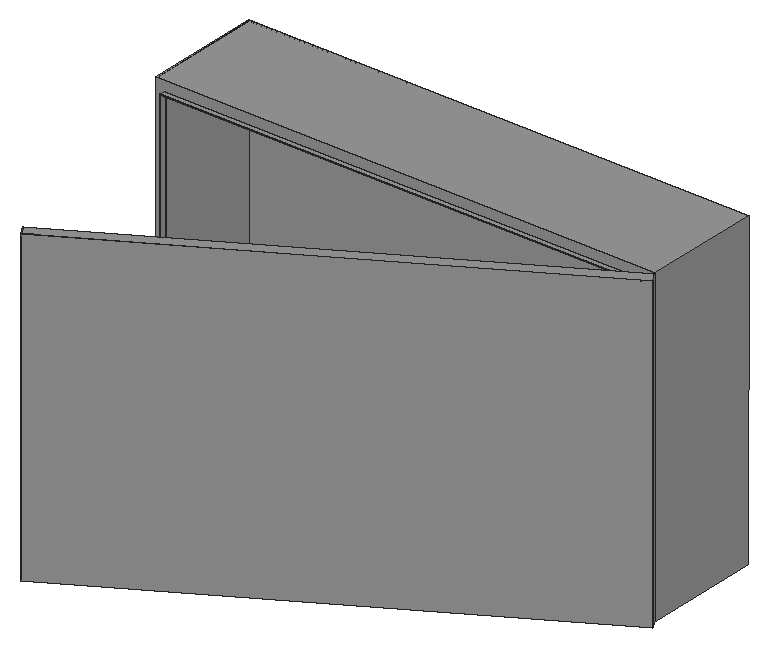
Revit family "Hager-Univers-IP44-D205-Cl.I-enclosure_metering-NoHosted-DE-de", category Equipement électrique, Revit 2020
Family settings
  Configuration du panneau = Deux colonnes, circuits au sein
  Cote de connecteur circulaire = Utiliser le diamètre
  Type d'élément = Tableau de raccordement
  Basée sur le plan de construction = Oui
  Toujours verticalement = Oui
  Couper avec des vides une fois chargée = Non
  Partagée = Non
  Point de calcul de pièce = Non
Parameters (values of type "Aufputz IP44 B800 H500 T205  - ZB013T")
  Width Control [instance] = if([EF000008 - Breite] > Min Width, [EF000008 - Breite], Min Width)  # 800 mm
  Commentaires du type = [HG000003 - Bereich]  # "Univers"
  Thickness Door [instance] = if([EF009171 - Materialstärke Tür/Deckel] > 3 mm, 3 mm, [EF009171 - Materialstärke Tür/Deckel])  # 1 mm
  Seal Frame Offset [instance] = 17 mm  # constant formula
  Plinth Visibility [instance] = [HG000027 - Sockelhöhe] > 0 mm  # no
  Min Width [instance] = 100 mm  # constant formula
  Min Depth [instance] = (2 * [EF009170 - Materialstärke Gehäuse]) + 1 mm  # 3 mm
  Min Height [instance] = 100 mm  # constant formula
  Internal Frame Depth [instance] = (Door System Depth * 0.5)  # 9 mm
  Panel Name [instance] = ""  # (empty or 0)
  Model = ""
  HG000027 - Sockelhöhe = 0 mm
  HG000026 - Stehend auf dem Boden = no
  HG000024 - Höhe des unteren Teils = 600 mm
  HG000023 - Gehäuse mit doppeltem Querschnitt = no
  HG000016 - 3D-Türsichtbarkeit [instance] = yes
  HG000015 - Sichtbarkeit der Türöffnung [instance] = no
  HG000014 - Tür rechts [instance] = yes
  HG000013 - Tür links [instance] = not([HG000014 - Tür rechts])  # no
  HG000012 - Türschwenkwinkel [instance] = 30.00°
  HG000010 - Asymmetrische Türen = no
  HG000009 - Doppelflügeligen Tür = no
  HG000006 - Unterputz = no
  HG000004 - Herstellerreferenz = "ZB013T"
  HG000003 - Bereich = "Univers"
  HG000002 - Mit tür = yes
  Frame Offset Bottom [instance] = 10 mm  # constant formula
  Frame Offset [instance] = 15 mm  # constant formula
  EF015940 - Deckel mit Überdruckentlastung = no
  EF011959 - Schutzart (NEMA) = ""
  EF009554 - Anzahl der Öffnungen für Flanschplatten = 0
  EF009212 - Ausführung Deckel = "EV000116 - geschlossen"
  EF009171 - Materialstärke Tür/Deckel = 1 mm
  EF009170 - Materialstärke Gehäuse = 1 mm
  EF008873 - Nennstrom (In) = 250 A
  EF007800 - Geeignet für Blitzschutz = no
  EF006306 - Mit Schloss = no
  EF006244 - Transparenter Deckel/Tür = no
  EF005474 - Schutzart (IP) = "EV006418 - IP44"
  EF004464 - Art der Tür = "EV003602 - Doppel"
  EF004427 - Anzahl der Module = 0
  EF004293 - Schlagfestigkeit = "EV006815 - IK09"
  EF003532 - Geeignet für Außengebrauch = no
  EF002950 - Breite in Teilungseinheiten = 0
  EF001613 - Funktionserhalt = "EV000494 - ohne"
  EF001596 - Werkstoff des Gehäuses = "EV000179 - Stahl"
  EF001131 - Innentiefe = 0 mm
  EF001088 - Anbaumöglichkeit = yes
  EF000437 - Anzahl der Leitungseinführungen = 0
  EF000339 - Art der Abdeckung = "EV004216 - Tür"
  EF000266 - Anzahl der Reihen = 0
  EF000218 - Einbautiefe = 0 mm
  EF000118 - Mit Montageplatte = no
  EF000116 - RAL-Nummer = "9010"
  EF000049 - Tiefe = 205 mm
  EF000040 - Höhe = 500 mm
  EF000008 - Breite = 800 mm
  EF000007 - Farbe = "EV000202 - weiß"
  EF000003 - Montageart = "EV000384 - Aufputz"
  Door System Leaf Tolerance [instance] = 1.5 mm  # constant formula
  Door System Depth [instance] = 18 mm  # constant formula
  Door Height [instance] = Height Control - [HG000027 - Sockelhöhe]  # 500 mm
  Description = ""
  Default Elevation = 1219.2 mm
  Connector Offset [instance] = Height Control / 2  # 250 mm
  Fabricant = "Hager"  # constant formula
  Height Control [instance] = if([EF000040 - Höhe] > Min Height, [EF000040 - Höhe], Min Height)  # 500 mm
  Depth Control [instance] = if([EF000049 - Tiefe] > Min Depth, [EF000049 - Tiefe], Min Depth)  # 205 mm
  Bottom Top Plate Trim [instance] = 1.5 mm  # constant formula
  Plinth height Ctrl [instance] = if([HG000027 - Sockelhöhe] > 0 mm, [HG000027 - Sockelhöhe], 12 mm)  # 12 mm
Types (5, lengths in mm): name | Width Control | HG000004 - Herstellerreferenz | EF004464 - Art der Tür | EF004427 - Anzahl der Module | EF000266 - Anzahl der Reihen | EF000008 - Breite
  Aufputz IP44 B1050 H500 T205  - ZB014T | 1050 | "ZB014T" | "EV003602 - Doppel" | 144 | 0 | 1050
  Aufputz IP44 B1300 H500 T205  - ZB015T | 1300 | "ZB015T" | "EV003602 - Doppel" | 180 | 0 | 1300
  Aufputz IP44 B300 H500 T205  - ZB011T | 300 | "ZB011T" | "EV002646 - Einzel" | 48 | 4 | 300
  Aufputz IP44 B550 H500 T205  - ZB012T | 550 | "ZB012T" | "EV002646 - Einzel" | 0 | 0 | 550
  Aufputz IP44 B800 H500 T205  - ZB013T | 800 | "ZB013T" | "EV003602 - Doppel" | 0 | 0 | 800
Reference planes
  plane 1 "Center (Front/Back)": y = 0
  plane 2: z = 0
  plane 3 "Center (Left/Right)": x = 0
  plane 4: y = 0
  plane 5: y = 0
  plane 6: z = 0
  plane 7: x = -400
  plane 8: x = 400
  plane 9: x = 399
  plane 10: x = -399
  plane 11: z = 0
  plane 12: z = 1
  plane 13: y = -205
  plane 14: y = -1
  plane 15: x = 0
  plane 16: y = -187
  plane 17: y = -204
  plane 18: y = -186
  plane 19: x = -384
  plane 20: x = 384
  plane 21: z = 11
  plane 22: x = -383
  plane 23: x = 383
  plane 24: z = 0
  plane 25: z = 500
  plane 26: z = 500
  plane 27: z = 484
  plane 28: z = 499
Forms (mm)
  Extrusion 1, solid, material "Hager_Steel_RAL7035_Light_Grey", detail levels medium+fine
    sketch origin (-208.679, -4572, 0) x (-1, 0, 0) y (0, -1, 0)
      loop
        line (191.321, -4385) -> (-608.679, -4385) -> (-608.679, -4572) -> (191.321, -4572) -> (191.321, -4385)
    from 0 to 500
  Extrusion 2, void
    sketch origin (-350.771, -205, 1219.2) x (1, 0, 0) y (0, 0, 1)
      loop
        line (-48.229, -720.2) -> (-48.229, -1218.2) -> (749.771, -1218.2) -> (749.771, -720.2) -> (-48.229, -720.2)
    from -19 to -204
  Extrusion 3, void
    sketch origin (-290.084, -187, 1219.2) x (1, 0, 0) y (0, 0, 1)
      loop
        line (-93.916, -1208.2) -> (674.084, -1208.2) -> (674.084, -735.2) -> (-93.916, -735.2) -> (-93.916, -1208.2)
    from 0 to -1
  Extrusion 4, solid, material "Hager_Steel_RAL7035_Light_Grey", visible <- "Plinth Visibility", detail levels medium+fine
    sketch origin (0, 0, 0) x (1, 0, 0) y (0, 1, 0)
      loop
        line (-400, 0) -> (-400, -187) -> (400, -187) -> (400, 0) -> (-400, 0)
    from 0 to 12 <- "Plinth height Ctrl"
  Extrusion 5, solid, material "Hager_Steel_RAL7035_Light_Grey", detail levels coarse
    sketch origin (0, 0, 0) x (1, 0, 0) y (0, 1, 0)
      loop
        line (-400, 0) -> (-400, -205) -> (400, -205) -> (400, 0) -> (-400, 0)
    from 0 to 500 <- "Height Control"
  Sweep 6, void
    path in 3D
      loop
        line (-400, -187, 12) -> (400, -187, 12) -> (400, 0, 12) -> (-400, 0, 12) -> (-400, -187, 12)
    profile origin (-400, -93.5, 12) x (1, 0, 0) y (0, 0, 1)
      loop
        line (0, 0) -> (0, -1.5) -> (1.5, -1.5)
        arc (1.5, -1.5) -> (1.061, -0.439) -> (0, 0) r 1.5
  Extrusion 7, solid, material "Hager_Steel_RAL7035_Light_Grey", detail levels fine
    sketch origin (-400, -187, 0) x (1, 0, 0) y (0, 0, 1)
      loop
        line (16, 11) -> (784, 11) -> (784, 484) -> (16, 484) -> (16, 11)
      loop
        line (15, 10) -> (785, 10) -> (785, 485) -> (15, 485) -> (15, 10)
    from 0 to 9 <- "Internal Frame Depth"
Cuts and joins
  Extrusion 2, Extrusion 3 cuts Extrusion 1
  Sweep 6 cuts Extrusion 4
Lines and regions (mm)
  Masking region 1
    outline origin (0, 0, 0) x (1, 0, 0) y (0, 1, 0)
      loop
        line (-400, 0) -> (-400, -205) -> (400, -205) -> (400, 0) -> (-400, 0)
  Masking region 2, detail levels coarse
    outline origin (-290.084, -187, 1219.2) x (-1, 0, 0) y (0, 0, 1)
      loop
        line (-690.084, -1219.2) -> (109.916, -1219.2) -> (109.916, -719.2) -> (-690.084, -719.2) -> (-690.084, -1219.2)
  Masking region 3, detail levels coarse
    outline origin (0, 0, 0) x (0, 1, 0) y (0, 0, 1)
      loop
        line (0, 0) -> (0, 500) -> (-205, 500) -> (-205, 0) -> (0, 0)
  Masking region 4, visible <- "Plinth Visibility", detail levels medium+fine
    outline origin (0, 0, 0) x (0, 1, 0) y (0, 0, 1)
      loop
        line (-1.5, 12) -> (-185.5, 12)
        arc (-185.5, 12) -> (-185.939, 10.939) -> (-187, 10.5) r 1.5
        line (-187, 10.5) -> (-187, 0) -> (0, 0) -> (0, 10.5)
        arc (0, 10.5) -> (-1.061, 10.939) -> (-1.5, 12) r 1.5
  Masking region 5, detail levels medium+fine
    outline origin (0, 0, 594.038) x (0, 1, 0) y (0, 0, 1)
      loop
        line (0, -594.038) -> (0, -94.038) -> (-187, -94.038) -> (-187, -594.038) -> (0, -594.038)
  Masking region 6, detail levels medium+fine
    outline origin (-359.7, -187, 1211.883) x (-1, 0, 0) y (0, 0, 1)
      loop
        line (-759.7, -1211.883) -> (40.3, -1211.883) -> (40.3, -711.883) -> (-759.7, -711.883) -> (-759.7, -1211.883)
  Masking region 7, visible <- "Plinth Visibility", detail levels medium+fine
    outline origin (-320.334, -187, 1041.368) x (-1, 0, 0) y (0, 0, 1)
      loop
        line (-720.334, -1041.368) -> (79.666, -1041.368) -> (79.666, -1030.868)
        arc (79.666, -1030.868) -> (78.606, -1030.429) -> (78.166, -1029.368) r 1.5
        line (78.166, -1029.368) -> (-718.834, -1029.368)
        arc (-718.834, -1029.368) -> (-719.273, -1030.429) -> (-720.334, -1030.868) r 1.5
        line (-720.334, -1030.868) -> (-720.334, -1041.368)
  sketch lines
    curve 1: line (-400, 0, 12) -> (-400, -187, 12)
    curve 2: line (-400, -187, 12) -> (400, -187, 12)
    curve 3: line (400, 0, 12) -> (-400, 0, 12)
    curve 4: line (400, -187, 12) -> (400, 0, 12)
Dimensions and locks
  locked: plane 1 "Center (Front/Back)" to plane 5
  "EF009170 - Materialstärke Gehäuse": plane 7 to plane 10
  "EF009170 - Materialstärke Gehäuse": plane 8 to plane 9
  equal spacing: plane 7, plane 3 "Center (Left/Right)", plane 8
  "Width Control": plane 7 to plane 8
  "Depth Control": plane 4 to plane 13
  "EF009170 - Materialstärke Gehäuse": plane 4 to plane 14
  "Height Control": plane 25 to level
  "HG000027 - Sockelhöhe": plane 11 to level
  "EF009170 - Materialstärke Gehäuse": plane 12 to plane 11
  "EF009170 - Materialstärke Gehäuse": plane 17 to plane 13
  "EF009170 - Materialstärke Gehäuse": plane 18 to plane 16
  "Frame Offset Bottom": plane 21 to plane 12
  "Frame Offset": plane 10 to plane 19
  "Frame Offset": plane 9 to plane 20
  "Door System Depth": plane 16 to plane 13
  "Seal Frame Offset": plane 7 to plane 22
  "Seal Frame Offset": plane 8 to plane 23
  "EF009170 - Materialstärke Gehäuse": plane 26 to plane 28
  "Frame Offset": plane 28 to plane 27
  "Connector Offset": plane 2 to connector elem
  "Bottom Top Plate Trim": profile plane to Sweep 6 sketch curve
  "Bottom Top Plate Trim": Sweep 6 sketch curve to Sweep 6 sketch curve
  "Plinth height Ctrl": Masking region 4 sketch curve to level
  "Plinth height Ctrl": Masking region 7 sketch curve to level
  "Thickness Door": Extrusion 7 sketch curve to Extrusion 7 sketch curve  (x4)
  "Bottom Top Plate Trim": radius of Sweep 6 sketch curve
  "Bottom Top Plate Trim": radius of Masking region 4 sketch curve  (x2)
  "Bottom Top Plate Trim": radius of Masking region 7 sketch curve  (x2)
  aligned and locked: Extrusion 2 sketch curve to plane 12
  aligned and locked: Extrusion 2 sketch curve to plane 9
  aligned and locked: Extrusion 2 sketch curve to plane 10
  aligned and locked: Extrusion 2 to plane 14
  aligned and locked: Extrusion 1 sketch curve to plane 4
  aligned and locked: plane 8 to Extrusion 1 sketch curve
  aligned and locked: plane 7 to Extrusion 1 sketch curve
  aligned and locked: Extrusion 2 to plane 18
  aligned and locked: plane 19 to Extrusion 3 sketch curve
  aligned and locked: plane 20 to Extrusion 3 sketch curve
  aligned and locked: Extrusion 3 to Extrusion 2
  aligned and locked: Extrusion 3 sketch curve to plane 21
  aligned and locked: plane 3 "Center (Left/Right)" to nested 1
  aligned and locked: Extrusion 1 sketch curve to plane 16
  aligned and locked: Extrusion 4 sketch curve to cut or joined group of Extrusion 1, Extrusion 2, Extrusion 3
  aligned and locked: Masking region 1 sketch curve to plane 7
  aligned and locked: Masking region 1 sketch curve to plane 5
  aligned and locked: Masking region 1 sketch curve to plane 8
  aligned and locked: Masking region 2 sketch curve to level
  aligned and locked: level to Masking region 3 sketch curve
  aligned and locked: plane 1 "Center (Front/Back)" to Masking region 3 sketch curve
  aligned and locked: plane 13 to Masking region 3 sketch curve
  aligned and locked: plane 5 to Masking region 4 sketch curve
  aligned and locked: Masking region 2 sketch curve to plane 8
  aligned and locked: Masking region 2 sketch curve to plane 7
  aligned and locked: plane 7 to nested 2
  aligned and locked: nested 2 to plane 5
  aligned and locked: plane 5 to Masking region 5 sketch curve
  aligned and locked: plane 26 to Masking region 5 sketch curve
  aligned and locked: Extrusion 5 sketch curve to plane 8
  aligned and locked: Extrusion 5 sketch curve to plane 7
  aligned and locked: Extrusion 5 sketch curve to plane 5
  aligned and locked: Extrusion 3 sketch curve to plane 27
  aligned and locked: Extrusion 2 sketch curve to plane 28
  aligned and locked: Masking region 2 to plane 25
  aligned and locked: Extrusion 4 to plane 16
  aligned and locked: profile plane to Sweep 6 sketch curve
  aligned and locked: Masking region 5 sketch curve to plane 24
  aligned and locked: level to Masking region 4 sketch curve
  aligned and locked: Masking region 1 to plane 13
  aligned and locked: nested 1 to plane 16
  aligned and locked: Masking region 3 to plane 25
  aligned and locked: plane 16 to Masking region 4 sketch curve
  aligned and locked: Masking region 5 sketch curve to plane 16
  aligned and locked: plane 24 to plane 11
  aligned and locked: plane 26 to plane 25
  aligned and locked: plane 26 to cut or joined group of Extrusion 1, Extrusion 2, Extrusion 3
  aligned and locked: nested 1 to plane 24
  aligned and locked: Extrusion 1 to Extrusion 3
  aligned and locked: Masking region 6 sketch curve to plane 8
  aligned and locked: Masking region 6 sketch curve to plane 24
  aligned and locked: Masking region 6 sketch curve to plane 7
  aligned and locked: Masking region 6 sketch curve to plane 26
  aligned and locked: Masking region 7 sketch curve to plane 7
  aligned and locked: level to Masking region 7 sketch curve
  aligned and locked: Masking region 7 sketch curve to plane 8
  aligned and locked: Extrusion 7 sketch curve to cut or joined group of Extrusion 1, Extrusion 2, Extrusion 3  (x4)
Automatic sketch dimensions
  plane 19 to Extrusion 3 sketch curve = 0 mm
  Extrusion 3 sketch curve to plane 20 = 0 mm
  Extrusion 3 sketch curve to plane 21 = 0 mm
  Extrusion 4 sketch curve to plane 7 = 0 mm
  Extrusion 4 sketch curve to plane 8 = 0 mm
  Extrusion 4 sketch curve to plane 16 = 0 mm
  Masking region 1 sketch curve to plane 13 = 0 mm
  Masking region 2 sketch curve to plane 25 = 0 mm
  Masking region 3 sketch curve to plane 25 = 0 mm
  Extrusion 5 sketch curve to plane 13 = 0 mm
  profile plane to Sweep 6 sketch curve = 0 mm
Nested families
  nested 1: "EC000058_Univers_Door" at (0, -187, 0), Double <- "HG000009 - Doppelflügeligen Tür", Transparent <- "EF006244 - Transparenter Deckel/Tür", Angle <- "HG000012 - Türschwenkwinkel", Door_Right <- "HG000014 - Tür rechts", Assymetrical <- "HG000010 - Asymmetrische Türen", Door <- "HG000002 - Mit tür", Width_Ctrl <- "Width Control", 3d_Door <- "HG000016 - 3D-Türsichtbarkeit", Clearance <- "HG000015 - Sichtbarkeit der Türöffnung", Door_Left <- "HG000013 - Tür links", Width <- "Width Control", Door_Depth <- "Door System Depth", Leaf_Tolerance <- "Door System Leaf Tolerance", Height <- "Door Height", Lock_Visibility <- "EF006306 - Mit Schloss", Thickness <- "Thickness Door", type "EC000058_Univers_Door", detail levels medium+fine
    with min_wh 3 mm, Width_Ctrl 800 mm, Width 800 mm, Transparent no, Thickness 1 mm, Seal_Material Hager_Rubber, Lock_Visibility no, Lock_Material Hager_Plastic_RAL9005_Jet_Black, Leaf_Width 800 mm, Leaf_Tolerance_External_Sides 0 mm, Leaf_Tolerance 1.5 mm, Leaf_Offset 0 mm, Leaf_Height 497 mm, Leaf_2_Width 800 mm, Leaf_2_Offset 400 mm, Leaf_1_Width 800 mm, Leaf_1_Offset 400 mm, Height_Ctrl 500 mm, Height 500 mm, Glass_Material Hager_Glass, Double_Clearance_Ctrl no, Double no, Door_Right_Ctrl yes, Door_Right yes, Door_Material Hager_Steel_RAL7035_Light_Grey, Door_Left_Ctrl no, Door_Left no, Door_Depth 18 mm, Door yes, Clearance_Material Hager_Clearance, Clearance_Depth 800 mm, Clearance_Ctrl no, Clearance no, Assymetrical no, Angle 30.00°, 3d_Door yes
  nested 2: "Hager_Enclosure_Symbol" at (-400, 0, 0), Height <- "Depth Control", Width <- "Width Control", type "Hager_Enclosure_Symbol"
    with Width_Ctrl 800 mm, Width 800 mm, Height_Ctrl 205 mm, Height 205 mm, A_Width_Int 13.453 mm, A_Width 161.438 mm, A_Height_Ctrl 179.375 mm, A_Height 179.375 mm
Connectors
  electrical at (0, 0, 250)
    settings: on plane 1 "Center (Front/Back)", index 1, voltage 0 V, apparent load 0 VA, apparent load phase1 0 VA, apparent load phase2 0 VA, apparent load phase3 0 VA, power factor 1, load classification "Other", number of poles 1, system type 30, power factor state 1, is connector primary yes, connector utility no, sub classification motor no, connector description ""
Definition of nested family "EC000058_Univers_Door"
  Parameters (values of type "EC000058_Univers_Door")
    min_wh [instance] = (2 * Thickness) + 1 mm  # 11 mm
    Width_Ctrl [instance] = 400 mm
    Width [instance] = 500 mm
    Transparent [instance] = yes
    Thickness [instance] = 5 mm
    Seal_Material [instance] = none
    Lock_Visibility [instance] = yes
    Lock_Material [instance] = none
    Leaf_Width [instance] = if((Width_Ctrl - 2 * Leaf_Tolerance_External_Sides) > 0 mm, (Width_Ctrl - 2 * Leaf_Tolerance_External_Sides), min_wh)  # 400 mm
    Leaf_Tolerance_External_Sides [instance] = 0 mm  # constant formula
    Leaf_Tolerance [instance] = 1.5 mm
    Leaf_Offset [instance] = 0 mm  # constant formula
    Leaf_Height [instance] = if((Height_Ctrl - 2 * Leaf_Tolerance) > 0 mm, (Height_Ctrl - 2 * Leaf_Tolerance), min_wh)  # 497 mm
    Leaf_2_Width [instance] = if(and(and(Double, Assymetrical), Door_Left), (Leaf_Width / 3) - (Leaf_Tolerance / 2), if(and(and(Double, Assymetrical), Door_Right), (Leaf_Width / 3) * 2 - (Leaf_Tolerance / 2), if(and(Double, not(Assymetrical)), (Leaf_Width / 2) - Leaf_Tolerance, Leaf_Width)))  # 400 mm
    Leaf_2_Offset [instance] = if(and(Double, Assymetrical), Leaf_2_Width / 2, if(and(Double, not(Assymetrical)), Leaf_Width / 4, Leaf_Width / 2))  # 200 mm
    Leaf_1_Width [instance] = if(and(and(Double, Assymetrical), Door_Right), (Leaf_Width / 3) - (Leaf_Tolerance / 2), if(and(and(Double, Assymetrical), Door_Left), (Width / 3) * 2 - (Leaf_Tolerance / 2), if(and(Double, not(Assymetrical)), (Leaf_Width / 2) - Leaf_Tolerance, Leaf_Width)))  # 400 mm
    Leaf_1_Offset [instance] = if(and(Double, Assymetrical), Leaf_1_Width / 2, if(and(Double, not(Assymetrical)), Leaf_Width / 4, Leaf_Width / 2))  # 200 mm
    Height_Ctrl [instance] = if(Height > min_wh, Height, min_wh)  # 500 mm
    Height [instance] = 500 mm
    Glass_Material [instance] = none
    Double_Clearance_Ctrl [instance] = and(Double, Clearance)  # no
    Double [instance] = no
    Door_Right_Ctrl [instance] = and(or(Door_Right, Double), Door)  # yes
    Door_Right [instance] = yes
    Door_Material [instance] = none
    Door_Left_Ctrl [instance] = and(or(Door_Left, Double), Door)  # no
    Door_Left [instance] = no
    Door_Depth [instance] = 30 mm
    Door [instance] = yes
    Default Elevation = 1219.2 mm
    Clearance_Material [instance] = none
    Clearance_Depth [instance] = if(Leaf_1_Width > Leaf_2_Width, Leaf_1_Width, Leaf_2_Width)  # 400 mm
    Clearance_Ctrl [instance] = and(not(Double), Clearance)  # yes
    Clearance [instance] = yes
    Assymetrical [instance] = yes
    Angle [instance] = 30.00°
    3d_Door [instance] = yes
  Reference planes
    plane 1 "Center (Front/Back)": y = 0
    plane 2 "Bottom": z = 0
    plane 3 "Center (Left/Right)": x = 0
    plane 4: z = 500
    plane 5: x = -200
    plane 6: x = 200
    plane 7: z = 500
    plane 8: x = -200
    plane 9: z = 0
    plane 10: x = 200
    plane 11: y = 0
    plane 12: z = 1.5
    plane 13: x = -600
    plane 14: y = -400
    plane 15: x = 600
    plane 16: x = 0
    plane 17: x = 0
    plane 18: x = -200
    plane 19: x = 200
    plane 20: z = 498.5
  Forms (mm)
    Extrusion 1, solid, material <- "Clearance_Material", visible <- "Double_Clearance_Ctrl"
      sketch origin (1200, 0, 0) x (1, 0, 0) y (0, 0, -1)
        loop
          line (-1800, -498.5) -> (-600, -498.5) -> (-600, 0) -> (-1800, 0) -> (-1800, -498.5)
      from 0 to -400
  Dimensions and locks
    equal spacing: plane 5, plane 3 "Center (Left/Right)", plane 6
    "Width_Ctrl": plane 5 to plane 6
    "Leaf_Offset": plane 5 to plane 8
    "Leaf_Offset": plane 6 to plane 10
    "Leaf_Offset": plane 9 to level
    "Leaf_Offset": plane 4 to plane 7
    "Height_Ctrl": plane 4 to level
    "Leaf_Tolerance": plane 12 to plane 9
    locked: plane 11 to plane 1 "Center (Front/Back)"
    "Leaf_1_Offset": plane 18 to plane 16
    "Leaf_2_Offset": plane 17 to plane 19
    "Leaf_1_Width": plane 13 to plane 8
    "Leaf_2_Width": plane 10 to plane 15
    "Clearance_Depth": plane 14 to plane 1 "Center (Front/Back)"
    "Leaf_Tolerance_External_Sides": plane 8 to plane 18
    "Leaf_Tolerance_External_Sides": plane 19 to plane 10
    "Leaf_Tolerance": plane 7 to plane 20
    aligned and locked: level to plane 2 "Bottom"
    aligned and locked: nested 1 to plane 16
    aligned and locked: nested 2 to plane 17
    aligned and locked: Extrusion 1 to plane 13
    aligned and locked: plane 15 to Extrusion 1
    aligned and locked: Extrusion 1 to plane 14
    aligned and locked: plane 12 to nested 1
    aligned and locked: nested 2 to plane 12
    aligned and locked: Extrusion 1 to plane 11
    aligned and locked: plane 20 to Extrusion 1
    aligned and locked: nested 2 to plane 11
    aligned and locked: nested 1 to plane 11
  Automatic sketch dimensions
    Extrusion 1 sketch curve to level = 0 mm
    plane 5 to Extrusion 1 sketch curve = 400 mm
    plane 6 to Extrusion 1 sketch curve = 400 mm
    Extrusion 1 sketch curve to plane 4 = 1.5 mm
  Nested families
    nested 1: "EC000058_Univers_Door_Leaf" at (0, 0, 1.5), Width <- "Leaf_1_Width", visible <- "Door_Left_Ctrl", Leaf_Height <- "Leaf_Height", Angle <- "Angle", 3d_Door <- "3d_Door", Transparent <- "Transparent", Clearance Material <- "Clearance_Material", Clearance <- "Clearance_Ctrl", Door_Material <- "Door_Material", Glass_Material <- "Glass_Material", Door_Depth <- "Door_Depth", Lock_Material <- "Lock_Material", Seal_Material <- "Seal_Material", Lock_Visibility <- "Lock_Visibility", Thickness <- "Thickness", type "EC000058_Univers_Door_Leaf"
      with Width 400 mm, Transparent_Glass_Offset 30 mm, Transparent_Ctrl yes, Transparent yes, Thickness 5 mm, Standard no, Seal_Material none, Seal_D2 8 mm, Seal_D1 1 mm, Offset_Internal_Frame 10 mm, Lock_Width 20 mm, Lock_Visibility_3d yes, Lock_Visibility yes, Lock_Thickness_3 3 mm, Lock_Thickness_2 1 mm, Lock_Thickness_1 3 mm, Lock_Radius_Offset_2 16 mm, Lock_Radius_Offset_1 15 mm, Lock_Radius_2 5 mm, Lock_Radius 6 mm, Lock_Offset 5 mm, Lock_Material none, Lock_Height 80 mm, Lock_Cover_Top_Offset_2d 17 mm, Lock_Cover_Height -65 mm, Leaf_Height 497 mm, Internal_Seal_Thickness 8 mm, Internal_Seal_Depth_2 4.5 mm, Internal_Frame_Depth 25 mm, Glass_Thickness -1 mm, Glass_Offset -2 mm, Glass_Material none, Door_Material none, Door_Depth 30 mm, Clearance Material none, Clearance yes, Angle_Ctrl 30.00°, Angle 30.00°, 3d_Door yes
    nested 2: "EC000058_Univers_Door_Leaf" at (0, 0, 1.5) x (-1, 0, 0) z (0, 0, 1), Width <- "Leaf_2_Width", visible <- "Door_Right_Ctrl", Leaf_Height <- "Leaf_Height", Angle <- "Angle", 3d_Door <- "3d_Door", Transparent <- "Transparent", Clearance Material <- "Clearance_Material", Clearance <- "Clearance_Ctrl", Door_Material <- "Door_Material", Glass_Material <- "Glass_Material", Door_Depth <- "Door_Depth", Lock_Material <- "Lock_Material", Seal_Material <- "Seal_Material", Lock_Visibility <- "Lock_Visibility", Thickness <- "Thickness", type "EC000058_Univers_Door_Leaf"
      with Width 400 mm, Transparent_Glass_Offset 30 mm, Transparent_Ctrl yes, Transparent yes, Thickness 5 mm, Standard no, Seal_Material none, Seal_D2 8 mm, Seal_D1 1 mm, Offset_Internal_Frame 10 mm, Lock_Width 20 mm, Lock_Visibility_3d yes, Lock_Visibility yes, Lock_Thickness_3 3 mm, Lock_Thickness_2 1 mm, Lock_Thickness_1 3 mm, Lock_Radius_Offset_2 16 mm, Lock_Radius_Offset_1 15 mm, Lock_Radius_2 5 mm, Lock_Radius 6 mm, Lock_Offset 5 mm, Lock_Material none, Lock_Height 80 mm, Lock_Cover_Top_Offset_2d 17 mm, Lock_Cover_Height -65 mm, Leaf_Height 497 mm, Internal_Seal_Thickness 8 mm, Internal_Seal_Depth_2 4.5 mm, Internal_Frame_Depth 25 mm, Glass_Thickness -1 mm, Glass_Offset -2 mm, Glass_Material none, Door_Material none, Door_Depth 30 mm, Clearance Material none, Clearance yes, Angle_Ctrl 30.00°, Angle 30.00°, 3d_Door yes
  Definition of nested family "EC000058_Univers_Door_Leaf"
    Parameters (values of type "EC000058_Univers_Door_Leaf")
      Width [instance] = 2000 mm
      Transparent_Glass_Offset [instance] = 30 mm
      Transparent_Ctrl [instance] = and(Transparent, [3d_Door])  # yes
      Transparent [instance] = yes
      Thickness [instance] = 5 mm
      Standard [instance] = and(not(Transparent), [3d_Door])  # no
      Seal_Material [instance] = none
      Seal_D2 [instance] = 8 mm  # constant formula
      Seal_D1 [instance] = 1 mm  # constant formula
      Offset_Internal_Frame [instance] = 10 mm  # constant formula
      Lock_Width [instance] = 20 mm  # constant formula
      Lock_Visibility_3d [instance] = and(Lock_Visibility, [3d_Door])  # yes
      Lock_Visibility [instance] = yes
      Lock_Thickness_3 [instance] = 3 mm  # constant formula
      Lock_Thickness_2 [instance] = 1 mm  # constant formula
      Lock_Thickness_1 [instance] = 3 mm  # constant formula
      Lock_Radius_Offset_2 [instance] = Lock_Radius_Offset_1 + 1 mm  # 16 mm
      Lock_Radius_Offset_1 [instance] = 15 mm  # constant formula
      Lock_Radius_2 [instance] = Lock_Radius - 1 mm  # 5 mm
      Lock_Radius [instance] = 6 mm  # constant formula
      Lock_Offset [instance] = 5 mm  # constant formula
      Lock_Material [instance] = none
      Lock_Height [instance] = 80 mm  # constant formula
      Lock_Cover_Top_Offset_2d [instance] = Lock_Radius_Offset_2 + 1 mm  # 17 mm
      Lock_Cover_Height [instance] = -(Lock_Height - Lock_Radius_Offset_1)  # -65 mm
      Leaf_Height [instance] = 2720.336 mm
      Internal_Seal_Thickness [instance] = 8 mm  # constant formula
      Internal_Seal_Depth_2 [instance] = 4.5 mm  # constant formula
      Internal_Frame_Depth [instance] = if(Door_Depth - Thickness > 5 mm, Door_Depth - Thickness, 5 mm)  # 25 mm
      Glass_Thickness [instance] = if(Thickness > 15 mm, Glass_Offset + 10 mm, -1 mm)  # -1 mm
      Glass_Offset [instance] = if(Thickness > 15 mm, -(Thickness + 10 mm) / 2, -2 mm)  # -2 mm
      Glass_Material [instance] = none
      Door_Material [instance] = none
      Door_Depth [instance] = 30 mm
      Default Elevation = 0 mm
      Clearance Material [instance] = none
      Clearance [instance] = yes
      Angle_Ctrl [instance] = if(Angle > 180.00°, 180.00°, Angle)  # 90.00°
      Angle [instance] = 90.00°
      3d_Door [instance] = yes
    Reference planes
      plane 1 "Center (Front/Back)": y = 0
      plane 2: z = 0
      plane 3 "Center (Left/Right)": x = 0
      plane 4: y = 2000
      plane 5: x = -1000
      plane 6: x = 1000
      plane 7: x = -3000
      plane 8: z = 2720.336
      plane 9: z = 30
      plane 10: z = 2690.336
      plane 11: x = 970
      plane 12: x = -970
      plane 13: y = -3
      plane 14: z = 107.833
      plane 15: y = -5
      plane 16: y = -223.314
      plane 17: x = -1000
      plane 18: z = 1360.168
      plane 19: y = 30
    Forms (mm)
      Extrusion 1, solid, material <- "Clearance Material", visible <- "Clearance"
        sketch origin (0, 0, 0) x (1, 0, 0) y (0, 0, 1)
          loop
            line (-3000, 2720.336) -> (-3000, 0) -> (1000, 0) -> (1000, 2720.336) -> (-3000, 2720.336)
        from 0 to -2000
      Extrusion 2, solid, material <- "Door_Material", visible <- "Standard", detail levels medium+fine
        sketch origin (-1000, 0, 0) x (0, 1, 0) y (-1, 0, 0)
          loop
            line (0, 30) -> (0, 25) -> (2000, 25) -> (2000, 30) -> (0, 30)
        from 0 to 2720.336 <- "Leaf_Height"
      Extrusion 3, solid, material <- "Door_Material", visible <- "Transparent_Ctrl", detail levels medium+fine
        sketch origin (-1000, 0, 0) x (0, 1, 0) y (-1, 0, 0)
          loop
            line (0, 25) -> (2000, 25) -> (2000, 30) -> (0, 30) -> (0, 25)
        from 0 to 2720.336 <- "Leaf_Height"
      Extrusion 4, void
        sketch origin (-1025, 2000, 0) x (0, 1, 0) y (0, 0, -1)
          loop
            line (-30, -2690.336) -> (-30, -30) -> (-1970, -30) -> (-1970, -2690.336) -> (-30, -2690.336)
        from 0 to 5 <- "Thickness"
      Sweep 5, solid, material <- "Seal_Material", visible <- "Transparent_Ctrl", detail levels fine
        path in 3D
          loop
            line (-1025, 30, 30) -> (-1025, 30, 2690.336) -> (-1025, 1970, 2690.336) -> (-1025, 1970, 30) -> (-1025, 30, 30)
        profile origin (-1025, 1000, 30) x (1, 0, 0) y (0, 0, 1)
          loop
            line (0, 0) -> (0, -8) -> (1, -8) -> (1, 0) -> (0, 0)
      Extrusion 6, solid, material <- "Glass_Material", visible <- "Transparent_Ctrl", detail levels medium+fine
        sketch origin (-1030, 0, 0) x (0, 1, 0) y (0, 0, -1)
          loop
            line (1970, -2690.336) -> (1970, -30) -> (30, -30) -> (30, -2690.336) -> (1970, -2690.336)
        from -2 <- "Glass_Offset" to -1 <- "Glass_Thickness"
      Extrusion 7, solid, material <- "Door_Material", visible <- "3d_Door", detail levels medium+fine
        sketch origin (-1025, 2000, 0) x (0, -1, 0) y (0, 0, -1)
          loop
            line (0, -2720.336) -> (2000, -2720.336) -> (2000, 0) -> (0, 0) -> (0, -2720.336)
          loop
            line (1995, -5) -> (5, -5) -> (5, -2715.336) -> (1995, -2715.336) -> (1995, -5)
        from 0 to 25 <- "Internal_Frame_Depth"
      Sweep 8, solid, material <- "Seal_Material", visible <- "Transparent_Ctrl", detail levels fine
        path in 3D
          loop
            line (-1025, 0, 0) -> (-1025, 2000, 0) -> (-1025, 2000, 2720.336) -> (-1025, 0, 2720.336) -> (-1025, 0, 0)
        profile origin (-1025, 0, 1360.168) x (1, 0, 0) y (0, 1, 0)
          loop
            line (0, 10) -> (2.975, 10)
            arc (2.975, 10) -> (4.053, 10.447) -> (4.5, 11.525) r 1.525
            line (4.5, 11.525) -> (4.5, 16.527)
            arc (4.5, 16.527) -> (4.069, 17.569) -> (3.027, 18) r 1.473
            line (3.027, 18) -> (0, 18) -> (0, 10)
      Extrusion 9, solid, material <- "Lock_Material", visible <- "Lock_Visibility_3d", detail levels fine
        sketch origin (-1030, 0, 0) x (0, 1, 0) y (0, 0, -1)
          loop
            arc (1993.5, -1400.168) -> (1994.561, -1399.729) -> (1995, -1398.668) r 1.5
            line (1995, -1398.668) -> (1995, -1320.168) -> (1975, -1320.168) -> (1975, -1398.668)
            arc (1975, -1398.668) -> (1975.439, -1399.729) -> (1976.5, -1400.168) r 1.5
            line (1976.5, -1400.168) -> (1993.5, -1400.168)
        from 3 <- "Lock_Thickness_1" to 0
      Blend 10, solid, material <- "Lock_Material", visible <- "Lock_Visibility_3d", detail levels fine
        base sketch origin (-1033, 0, 0) x (0, 1, 0) y (0, 0, -1)
          loop
            line (1975, -1320.168) -> (1975, -1398.668)
            arc (1975, -1398.668) -> (1975.439, -1399.729) -> (1976.5, -1400.168) r 1.5
            line (1976.5, -1400.168) -> (1993.5, -1400.168)
            arc (1993.5, -1400.168) -> (1994.561, -1399.729) -> (1995, -1398.668) r 1.5
            line (1995, -1398.668) -> (1995, -1320.168) -> (1975, -1320.168)
        top sketch origin (-1033, 0, 0) x (0, 1, 0) y (0, 0, -1)
          loop
            line (1976, -1320.168) -> (1976, -1398.668)
            arc (1976, -1398.668) -> (1976.146, -1399.022) -> (1976.5, -1399.168) r 0.5
            line (1976.5, -1399.168) -> (1993.5, -1399.168)
            arc (1993.5, -1399.168) -> (1993.854, -1399.022) -> (1994, -1398.668) r 0.5
            line (1994, -1398.668) -> (1994, -1320.168) -> (1976, -1320.168)
        from 0 to 1 <- "Lock_Thickness_2"
      Blend 11, solid, material <- "Lock_Material", visible <- "Lock_Visibility_3d", detail levels fine
        base sketch origin (-1034, 0, 0) x (0, 1, 0) y (0, 0, -1)
          loop
            line (1978, -1320.168) -> (1978, -1384.168)
            arc (1978, -1384.168) -> (1985, -1391.168) -> (1992, -1384.168) r 7
            line (1992, -1384.168) -> (1992, -1320.168) -> (1978, -1320.168)
        top sketch origin (-1034, 0, 0) x (0, 1, 0) y (0, 0, -1)
          loop
            line (1991, -1320.168) -> (1979, -1320.168) -> (1979, -1383.168)
            arc (1979, -1383.168) -> (1985, -1389.168) -> (1991, -1383.168) r 6
            line (1991, -1383.168) -> (1991, -1320.168)
        from 0 to 3 <- "Lock_Thickness_3"
      Extrusion 12, solid, material <- "Lock_Material", visible <- "Lock_Visibility_3d", detail levels fine
        sketch origin (-1030, 1975, 1320.168) x (1, 0, 0) y (0, -1, 0)
          loop
            line (-7, -19) -> (-7, -1) -> (0, -1) -> (0, 0) -> (-8, 0) -> (-8, -20) -> (0, -20) -> (0, -19) -> (-7, -19)
        from 0 to -65 <- "Lock_Cover_Height"
      Extrusion 13, void
        sketch origin (-1038, 1995, 1320.168) x (-1, 0, 0) y (0, 0, -1)
          loop
            line (-5, -65) -> (0, -65) -> (-5, -60) -> (-5, -65)
        from 0 to 20 <- "Lock_Width"
      Extrusion 14, void
        sketch origin (-1038, 1975, 1320.168) x (0, -1, 0) y (0, 0, -1)
          loop
            circle (-10, -15.995) r 6
          loop
            circle (-10, -15.995) r 5
        from 0 to 2
      Extrusion 15, solid, material <- "Lock_Material", visible <- "Lock_Visibility_3d", detail levels medium
        sketch origin (-1030, 0, 0) x (0, 1, 0) y (0, 0, -1)
          loop
            arc (1993.5, -1400.168) -> (1994.561, -1399.729) -> (1995, -1398.668) r 1.5
            line (1995, -1398.668) -> (1995, -1320.168) -> (1975, -1320.168) -> (1975, -1398.668)
            arc (1975, -1398.668) -> (1975.439, -1399.729) -> (1976.5, -1400.168) r 1.5
            line (1976.5, -1400.168) -> (1993.5, -1400.168)
        from 8 to 0
    Cuts and joins
      Extrusion 4 cuts Extrusion 3
      Extrusion 13, Extrusion 14 cuts Extrusion 9
      Extrusion 14 cuts Blend 11
      Extrusion 13, Extrusion 14 cuts Extrusion 12
      joined: Extrusion 9, Blend 10, Blend 11, Extrusion 12
      Extrusion 14 cuts Extrusion 15
    Lines and regions (mm)
      Masking region 1, visible <- "Lock_Visibility", detail levels fine
        outline origin (0, 0, 0) x (0, 1, 0) y (0, 0, 1)
          loop
            line (30, 1320.168) -> (33, 1320.168) -> (33, 1400.168) -> (30, 1400.168) -> (30, 1320.168)
      Masking region 2, visible <- "Lock_Visibility", detail levels fine
        outline origin (0, 3.143, 0) x (0, 1, 0) y (0, 0, 1)
          loop
            line (29.857, 1354.168) -> (30.857, 1354.168) -> (30.857, 1366.168) -> (29.857, 1366.168) -> (29.857, 1354.168)
      Masking region 3, detail levels medium+fine
        outline origin (0, 0, 0) x (0, 1, 0) y (0, 0, 1)
          loop
            line (0, 0) -> (30, 0) -> (30, 2720.336) -> (0, 2720.336) -> (0, 0)
      Masking region 4, detail levels medium+fine
        outline origin (0, 0, 0) x (1, 0, 0) y (0, 0, 1)
          loop
            line (-1000, 2720.336) -> (-1000, 0) -> (1000, 0) -> (1000, 2720.336) -> (-1000, 2720.336)
      Masking region 5, visible <- "Lock_Visibility", detail levels fine
        outline origin (-47.116, 0, 0) x (1, 0, 0) y (0, 0, 1)
          loop
            arc (1024.616, 1399.168) -> (1023.556, 1398.729) -> (1023.116, 1397.668) r 1.5
            line (1023.116, 1397.668) -> (1023.116, 1320.168) -> (1041.116, 1320.168) -> (1041.116, 1397.668)
            arc (1041.116, 1397.668) -> (1040.677, 1398.729) -> (1039.616, 1399.168) r 1.5
            line (1039.616, 1399.168) -> (1024.616, 1399.168)
      Masking region 6, visible <- "Lock_Visibility", detail levels medium+fine
        outline origin (-25, 0, 0) x (1, 0, 0) y (0, 0, 1)
          loop
            arc (1001.5, 1400.168) -> (1000.439, 1399.729) -> (1000, 1398.668) r 1.5
            line (1000, 1398.668) -> (1000, 1320.168) -> (1020, 1320.168) -> (1020, 1398.668)
            arc (1020, 1398.668) -> (1019.561, 1399.729) -> (1018.5, 1400.168) r 1.5
            line (1018.5, 1400.168) -> (1001.5, 1400.168)
      Masking region 7, visible <- "Lock_Visibility", detail levels fine
        outline origin (-73.735, 0, 0) x (1, 0, 0) y (0, 0, 1)
          loop
            line (1051.735, 1382.168) -> (1065.735, 1382.168) -> (1065.735, 1384.168)
            arc (1065.735, 1384.168) -> (1058.735, 1391.168) -> (1051.735, 1384.168) r 7
            line (1051.735, 1384.168) -> (1051.735, 1382.168)
      Masking region 8, visible <- "Lock_Visibility", detail levels fine
        outline origin (-73.735, 0, 0) x (1, 0, 0) y (0, 0, 1)
          loop
            line (1052.735, 1382.168) -> (1064.735, 1382.168) -> (1064.735, 1383.168)
            arc (1064.735, 1383.168) -> (1058.735, 1389.168) -> (1052.735, 1383.168) r 6
            line (1052.735, 1383.168) -> (1052.735, 1382.168)
      Masking region 9, visible <- "Lock_Visibility", detail levels fine
        outline origin (-25, 0, 0) x (1, 0, 0) y (0, 0, 1)
          loop
            line (1020, 1320.168) -> (1020, 1382.168) -> (1000, 1382.168) -> (1000, 1320.168) -> (1020, 1320.168)
      Masking region 10, detail levels medium+fine
        outline origin (0, 0, 0) x (1, 0, 0) y (0, 0, 1)
          loop
            circle (985, 1335.144) r 6
      Masking region 11, detail levels fine
        outline origin (0, 0, 0) x (1, 0, 0) y (0, 0, 1)
          loop
            circle (985, 1335.144) r 5
      Masking region 12, visible <- "Lock_Visibility", detail levels fine
        outline origin (0, 12.767, 0) x (0, 1, 0) y (0, 0, 1)
          loop
            line (20.233, 1320.168) -> (21.233, 1320.168) -> (21.233, 1399.168) -> (20.233, 1400.168) -> (20.233, 1320.168)
      Masking region 13, visible <- "Lock_Visibility", detail levels fine
        outline origin (0, 13.767, -10) x (0, 1, 0) y (0, 0, 1)
          loop
            line (20.233, 1330.168) -> (23.233, 1330.168) -> (23.233, 1399.168) -> (20.233, 1402.168) -> (20.233, 1330.168)
      Masking region 14, visible <- "Lock_Visibility", detail levels fine
        outline origin (0, 12.767, -10) x (0, 1, 0) y (0, 0, 1)
          loop
            line (20.233, 1330.168) -> (25.233, 1330.168) -> (25.233, 1399.305) -> (20.233, 1394.305) -> (20.233, 1330.168)
      Masking region 15, visible <- "Lock_Visibility", detail levels medium
        outline origin (0, 0, 0) x (0, 1, 0) y (0, 0, 1)
          loop
            line (30, 1320.168) -> (38, 1320.168) -> (38, 1400.168) -> (30, 1400.168) -> (30, 1320.168)
      Masking region 16, visible <- "Lock_Visibility", detail levels fine
        outline origin (-1000, 0, 0) x (0, 1, 0) y (-1, 0, 0)
          loop
            line (1975, 30) -> (1995, 30) -> (1995, 38) -> (1975, 38) -> (1975, 30)
          loop
            line (1979, 37) -> (1976, 37) -> (1976, 34) -> (1978, 34) -> (1979, 37)
          loop
            line (1994, 37) -> (1991, 37) -> (1992, 34) -> (1994, 34) -> (1994, 37)
      Masking region 17, visible <- "Lock_Visibility", detail levels medium
        outline origin (-1000, 0, 0) x (0, 1, 0) y (-1, 0, 0)
          loop
            line (1975, 30) -> (1995, 30) -> (1995, 38) -> (1975, 38) -> (1975, 30)
      symbolic lines
        curve 1: line (1000, 0, 0) -> (-3000, 0, 0)
        curve 2: arc (1000, 0, 0) -> (-1000, 2000, 0) -> (-3000, 0, 0) r 2000
        curve 4: line (-1030, 0, 0) -> (-1030, 2000, 0)
      reference lines
        curve 3: line (-1000, 0, 0) -> (-1000, 2000, 0)
      symbolic lines, detail levels medium+fine
        curve 5: line (-1030, 2000, 0) -> (-1025, 2000, 0)
        curve 7: line (-1025, 0, 0) -> (-1030, 0, 0)
        curve 8: line (-1025, 0, 0) -> (-1000, 0, 0)
        curve 9: line (-1000, 0, 0) -> (-1000, 2000, 0)
        curve 10: line (-1000, 2000, 0) -> (-1025, 2000, 0)
      symbolic lines, detail levels fine
        curve 6: line (-1025, 2000, 0) -> (-1025, 0, 0)
      sketch lines
        curve 11: line (-1025, 0, 2720.336) -> (-1025, 0, 0)
        curve 12: line (-1025, 2000, 0) -> (-1025, 0, 0)
        curve 13: line (-1025, 2000, 2720.336) -> (-1025, 2000, 0)
        curve 14: line (-1025, 0, 2720.336) -> (-1025, 2000, 2720.336)
        curve 15: line (-1025, 1970, 30) -> (-1025, 30, 30)
        curve 16: line (-1025, 30, 30) -> (-1025, 30, 2690.336)
        curve 17: line (-1025, 1970, 2690.336) -> (-1025, 1970, 30)
        curve 18: line (-1025, 30, 2690.336) -> (-1025, 1970, 2690.336)
      symbolic lines, visible <- "Transparent", detail levels medium+fine
        curve 19: line (-970, 0, 2690.336) -> (970, 0, 2690.336)
        curve 20: line (-970, 0, 30) -> (-970, 0, 2690.336)
        curve 21: line (970, 0, 30) -> (-970, 0, 30)
        curve 22: line (970, 0, 2690.336) -> (970, 0, 30)
    Dimensions and locks
      "Width": plane 1 "Center (Front/Back)" to plane 4
      equal spacing: plane 5, plane 3 "Center (Left/Right)", plane 6
      "Width": plane 5 to plane 6
      "Width": plane 7 to plane 5
      "Leaf_Height": plane 8 to level
      "Width": curve 5 to curve 3
      "Width": curve 3 to curve 3
      plane 8 to plane 10 = 30 mm
      plane 9 to level = 30 mm
      plane 12 to plane 5 = 30 mm
      plane 6 to plane 11 = 30 mm
      Extrusion 1 to Extrusion 4 sketch curve = 30 mm
      "Transparent_Glass_Offset": curve 3 to Extrusion 4 sketch curve
      "Transparent_Glass_Offset": Extrusion 4 sketch curve to cut or joined group of Extrusion 3, Extrusion 4  (x2)
      cut or joined group of Extrusion 3, Extrusion 4 to Extrusion 6 sketch curve = 30 mm
      "Transparent_Glass_Offset": cut or joined group of Extrusion 3, Extrusion 4 to Extrusion 4 sketch curve
      "Thickness": curve 6 to curve 4
      "Thickness": Extrusion 7 sketch curve to Extrusion 7 sketch curve  (x4)
      "Door_Depth": curve 4 to curve 3
      "Offset_Internal_Frame": profile plane to Sweep 8 sketch curve
      "Internal_Seal_Thickness": Sweep 8 sketch curve to Sweep 8 sketch curve
      "Internal_Seal_Depth_2": profile plane to Sweep 8 sketch curve
      "Seal_D1": profile plane to Sweep 5 sketch curve
      "Seal_D2": profile plane to Sweep 5 sketch curve
      "Thickness": Extrusion 2 sketch curve to Extrusion 2 sketch curve
      equal spacing: Extrusion 9 sketch curve, plane 18, Extrusion 9 sketch curve  (x2)
      equal spacing: Masking region 1 sketch curve, plane 18, Masking region 1 sketch curve
      "Lock_Height": Masking region 1 sketch curve to Masking region 1 sketch curve
      "Lock_Radius": Masking region 2 sketch curve to plane 18 to Masking region 2 sketch curve
      Masking region 2 sketch curve to Masking region 1 = 1 mm
      "Door_Depth": plane 19 to plane 1 "Center (Front/Back)"
      "Lock_Thickness_1": Masking region 1 sketch curve to plane 19
      "Lock_Width": Extrusion 9 sketch curve to Extrusion 9 sketch curve
      "Lock_Height": Extrusion 9 sketch curve to Extrusion 9 sketch curve
      "Lock_Offset": cut or joined group of Extrusion 3, Extrusion 4 to Extrusion 9 sketch curve
      equal spacing: plane 8, plane 18, level
      "Lock_Radius_Offset_1": Blend 11 sketch curve to Blend 10
      locked: Blend 10 to Blend 11 sketch curve at 2  (x2)
      locked: var sketch to Blend 11 sketch curve at 1  (x2)
      "Lock_Radius_Offset_2": Blend 11 sketch curve to Blend 10
      locked: Extrusion 12 sketch curve to Extrusion 12 sketch curve at 1  (x3)
      Masking region 6 sketch curve to Masking region 6 sketch curve = 80 mm
      "Lock_Height": Masking region 6 sketch curve to Masking region 6 sketch curve
      "Lock_Width": Masking region 6 sketch curve to Masking region 6 sketch curve
      locked: Masking region 6 to Masking region 5 sketch curve at 1  (x3)
      locked: Masking region 5 to Masking region 7 sketch curve at 2  (x2)
      "Lock_Radius_Offset_1": Masking region 5 to Masking region 7 sketch curve
      "Lock_Radius_Offset_2": Masking region 5 to Masking region 8 sketch curve
      locked: Masking region 7 to Masking region 8 sketch curve at 1  (x2)
      "Lock_Cover_Top_Offset_2d": Masking region 5 to Masking region 9 sketch curve
      equal spacing: Masking region 9, Masking region 10 sketch curve, Masking region 9
      equal spacing: Masking region 9, Masking region 11 sketch curve, Masking region 9
      Extrusion 15 sketch curve to Extrusion 15 sketch curve = 80 mm
      "Lock_Width": Extrusion 15 sketch curve to Extrusion 15 sketch curve
      "Lock_Height": Extrusion 15 sketch curve to Extrusion 15 sketch curve
      equal spacing: Extrusion 15 sketch curve, plane 18, Extrusion 15 sketch curve
      "Lock_Thickness_3": Masking region 13 sketch curve to Masking region 13 sketch curve
      "Lock_Height": Masking region 12 sketch curve to Masking region 12 sketch curve
      locked: Masking region 13 sketch curve to Masking region 1 at 8
      locked: Masking region 14 sketch curve to Masking region 13 at 1
      locked: Masking region 14 sketch curve to Masking region 1 at 10.863
      "Lock_Height": Masking region 15 sketch curve to Masking region 15 sketch curve
      "Lock_Offset": Extrusion 15 sketch curve to cut or joined group of Extrusion 3, Extrusion 4
      "Lock_Offset": plane 6 to Masking region 6 sketch curve
      radius of Sweep 8 sketch curve = 1.525 mm
      radius of Sweep 8 sketch curve = 1.473 mm
      radius of Extrusion 9 sketch curve = 1.5 mm  (x2)
      "Lock_Radius": radius of Extrusion 14 sketch curve
      "Lock_Radius_2": radius of Extrusion 14 sketch curve
      "Lock_Radius": radius of Masking region 10 sketch curve
      "Lock_Radius_2": radius of Masking region 11 sketch curve
      radius of Extrusion 15 sketch curve = 1.5 mm  (x2)
      "Angle_Ctrl": angle plane 1 "Center (Front/Back)" to curve 3
      locked: Masking region 12 sketch curve to Masking region 12 sketch curve (angle 45.00°)
      locked: Masking region 13 sketch curve to Masking region 13 sketch curve (angle 45.00°)
      locked: Masking region 14 sketch curve to Masking region 14 sketch curve (angle 45.00°)
      aligned and locked: level to plane 2
      aligned and locked: Extrusion 1 to curve 1
      aligned and locked: plane 6 to Extrusion 1
      aligned and locked: Extrusion 1 to plane 1 "Center (Front/Back)"
      aligned and locked: plane 4 to Extrusion 1
      aligned and locked: plane 8 to Extrusion 1
      aligned and locked: curve 7 to Extrusion 2 sketch curve
      aligned and locked: curve 5 to Extrusion 2 sketch curve
      aligned and locked: curve 7 to Extrusion 3 sketch curve
      aligned and locked: Extrusion 3 sketch curve to curve 4
      aligned and locked: Extrusion 3 sketch curve to curve 6
      aligned and locked: Extrusion 3 sketch curve to curve 5
      aligned and locked: curve 9 to curve 3
      aligned and locked: Extrusion 7 sketch curve to cut or joined group of Extrusion 3, Extrusion 4  (x4)
      aligned and locked: plane 17 to curve 3
      aligned and locked: plane 1 "Center (Front/Back)" to curve 3
      aligned and locked: plane 17 to plane 5
      aligned and locked: Sweep 8 sketch curve to profile plane
      aligned and locked: Sweep 5 sketch curve to profile plane  (x2)
      aligned and locked: Masking region 1 to Masking region 2 sketch curve
      aligned and locked: plane 19 to Masking region 1 sketch curve
      aligned and locked: plane 1 "Center (Front/Back)" to Masking region 3 sketch curve
      aligned and locked: plane 19 to Masking region 3 sketch curve
      aligned and locked: level to Masking region 3 sketch curve
      aligned and locked: Masking region 3 sketch curve to plane 8
      aligned and locked: plane 17 to Masking region 4 sketch curve
      aligned and locked: level to Masking region 4 sketch curve
      aligned and locked: Masking region 4 sketch curve to plane 8
      aligned and locked: plane 12 to curve 20
      aligned and locked: plane 10 to curve 19
      aligned and locked: plane 11 to curve 22
      aligned and locked: curve 21 to plane 9
      aligned and locked: Extrusion 2 sketch curve to cut or joined group of Extrusion 3, Extrusion 4
      aligned and locked: Blend 10 sketch curve to Extrusion 9  (x4)
      aligned and locked: Extrusion 9 to Blend 10 sketch curve
      aligned and locked: Blend 10 to Blend 11 sketch curve
      aligned and locked: Extrusion 12 sketch curve to Blend 11
      aligned and locked: Extrusion 12 sketch curve to Extrusion 9  (x4)
      aligned and locked: Masking region 5 sketch curve to Masking region 6
      aligned and locked: Masking region 9 sketch curve to Masking region 6  (x3)
      aligned and locked: Masking region 12 sketch curve to Masking region 1
      aligned and locked: Masking region 13 sketch curve to Masking region 1
      aligned and locked: Masking region 12 to Masking region 14
      aligned and locked: Masking region 14 sketch curve to Masking region 1
      aligned and locked: Masking region 15 sketch curve to Masking region 14
      aligned and locked: Masking region 13 sketch curve to Masking region 12
      aligned and locked: Masking region 16 sketch curve to cut or joined group of Extrusion 14, Extrusion 15  (x4)
      aligned and locked: Masking region 16 sketch curve to cut or joined group of Extrusion 9, Blend 10, Blend 11, Extrusion 12, Extrusion 13, Extrusion 14  (x6)
      aligned and locked: cut or joined group of Extrusion 9, Blend 10, Blend 11, Extrusion 12, Extrusion 13, Extrusion 14 to Masking region 16 sketch curve
      aligned and locked: Masking region 17 sketch curve to cut or joined group of Extrusion 14, Extrusion 15  (x3)
      aligned and locked: Masking region 17 sketch curve to cut or joined group of Extrusion 9, Blend 10, Blend 11, Extrusion 12, Extrusion 13, Extrusion 14
      aligned and locked: Masking region 9 to Masking region 8 sketch curve
      aligned and locked: Masking region 9 to Masking region 7 sketch curve
    Automatic sketch dimensions
      plane 1 "Center (Front/Back)" to curve 2 = 0 mm
      curve 2 to plane 5 = 0 mm
      Extrusion 1 sketch curve to level = 0 mm
      Extrusion 1 sketch curve to plane 7 = 0 mm
      Extrusion 1 sketch curve to plane 6 = 0 mm
      Extrusion 1 sketch curve to plane 8 = 0 mm
      Extrusion 3 to Extrusion 6 sketch curve = 30 mm  (x4)
      Masking region 4 sketch curve to plane 6 = 0 mm
      Blend 10 sketch curve to Extrusion 9 = 1.5 mm
      Blend 10 sketch curve to Extrusion 9 = 1 mm
      Extrusion 13 sketch curve to Extrusion 12 = 0 mm  (x2)
      Extrusion 12 to Extrusion 13 sketch curve = 3 mm
      Extrusion 13 sketch curve to Extrusion 12 = 5 mm
      Extrusion 14 sketch curve to Extrusion 14 sketch curve = 0 mm  (x2)
      Extrusion 14 sketch curve to Extrusion 12 = 10 mm
      Extrusion 14 sketch curve to Extrusion 12 = 15.995 mm
      Masking region 5 sketch curve to Masking region 5 sketch curve = 1.5 mm  (x2)
      Masking region 10 sketch curve to plane 18 = 25.024 mm
      Masking region 11 sketch curve to plane 18 = 25.024 mm
      plane 19 to Masking region 14 sketch curve = 3 mm
      Masking region 16 sketch curve to Masking region 16 sketch curve = 3 mm
      curve 4 to curve 3 = 0 mm
      Blend 10 to Blend 11 sketch curve = 0 mm
      Masking region 6 sketch curve to Masking region 6 sketch curve = 1.5 mm  (x2)
      Masking region 6 sketch curve to plane 18 = 40 mm
      plane 19 to Masking region 12 sketch curve = 3 mm
      Masking region 12 sketch curve to Masking region 12 sketch curve = 1 mm
      Masking region 15 sketch curve to plane 19 = 0 mm
      Masking region 15 sketch curve to plane 18 = 40 mm
      radius of Blend 10 sketch curve to Extrusion 9 = 1 mm
Definition of nested family "Hager_Enclosure_Symbol"
  Parameters (values of type "Hager_Enclosure_Symbol")
    Width_Ctrl [instance] = if(Width > 1 mm, Width, 1 mm)  # 102.27 mm
    Width [instance] = 102.27 mm
    Height_Ctrl [instance] = if(Height > 1 mm, Height, 1 mm)  # 66.5 mm
    A_Width_Int [instance] = if(A_Width / 12 > 2 mm, A_Width / 12, 2 mm)  # 4.364 mm
    A_Width [instance] = if(A_Height_Ctrl * 0.9 > 2 mm, A_Height_Ctrl * 0.9, 2 mm)  # 52.369 mm
    A_Height_Ctrl [instance] = if(A_Height > 2 mm, A_Height, 2 mm)  # 58.188 mm
    Height [instance] = 66.5 mm
    A_Height [instance] = Height - (Height / 8)  # 58.188 mm
  Reference planes
    plane 1 "Centre (avant/arrière)": y = 0
    plane 2: z = 0
    plane 3 "Centre (gauche/droite)": x = 0
    plane 4: x = 52.369
    plane 5: y = 33.042
    plane 6: y = 41.77
    plane 7: y = 66.5
    plane 8: x = 26.184
    plane 9: y = 37.406
    plane 10: x = 102.27
    plane 11: y = 66.5
    plane 12: y = 8.313
  Lines and regions (mm)
    Filled region 1, type "Solid_Black", in view "Niveau de réf."
      outline origin (0, 0, 0) x (1, 0, 0) y (0, 1, 0)
        loop
          line (52.369, 66.5) -> (33.188, 54.536) -> (45.365, 45.006) -> (52.369, 66.5)
    Filled region 2, type "Solid_Black", in view "Niveau de réf."
      outline origin (0, 0, 0) x (1, 0, 0) y (0, 1, 0)
        loop
          line (0, 0) -> (102.27, 0) -> (102.27, 66.5) -> (0, 0)
    detail lines, in view "Niveau de réf."
      curve 1: line (0, 8.313, 0) -> (26.184, 41.77, 0)
      curve 2: line (26.184, 41.77, 0) -> (26.184, 33.042, 0)
      curve 3: line (26.184, 33.042, 0) -> (52.369, 66.5, 0)
  Dimensions and locks
    "A_Width": plane 3 "Centre (gauche/droite)" to plane 4
    equal spacing: plane 3 "Centre (gauche/droite)", plane 8, plane 4
    equal spacing: plane 6, plane 9, plane 5
    equal spacing: curve 3, Filled region 1 sketch curve, Filled region 1 sketch curve
    "Height_Ctrl": plane 1 "Centre (avant/arrière)" to plane 11
    "A_Height_Ctrl": plane 11 to plane 12
    equal spacing: plane 11, plane 9, plane 12
    "A_Width_Int": plane 6 to plane 9
    "Width_Ctrl": plane 3 "Centre (gauche/droite)" to plane 10
    angle Filled region 1 sketch curve to curve 3 = 20.00°
    angle curve 3 to Filled region 1 sketch curve = 20.00°
    locked: curve 3 to Filled region 1 sketch curve (angle 90.00°)
    aligned and locked: plane 10 to Filled region 2
    aligned and locked: plane 11 to Filled region 2 sketch curve
    aligned and locked: plane 10 to Filled region 2 sketch curve
    aligned and locked: plane 3 "Centre (gauche/droite)" to curve 1
    aligned and locked: plane 12 to curve 1
    aligned and locked: plane 7 to plane 11
  Automatic sketch dimensions
    Filled region 1 sketch curve to plane 4 = 0 mm
    Filled region 1 sketch curve to plane 7 = 0 mm
    plane 1 "Centre (avant/arrière)" to Filled region 2 sketch curve = 0 mm
    Filled region 2 sketch curve to plane 3 "Centre (gauche/droite)" = 0 mm
    curve 2 to plane 6 = 0 mm
    curve 2 to plane 8 = 0 mm
    curve 3 to plane 4 = 0 mm
    curve 2 to plane 5 = 0 mm
    curve 3 to plane 7 = 0 mm
